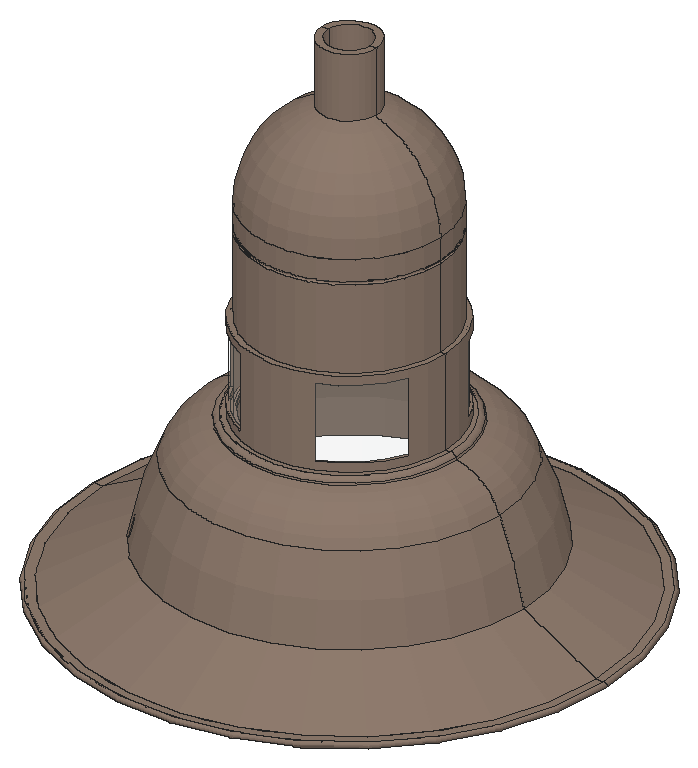
Revit family "BVB2004", category Generic Models, Revit 2014
Parameters
  GLASS = Glass
  BELL = Bronze, Architectural
Reference planes (in)
  plane 1 "Center (Front/Back)": y = 0
  plane 2: z = 0
  plane 3 "Center (Left/Right)": x = 0
Forms (in)
  Revolve 1, solid, material "Bronze, Architectural" <- "BELL"
    sketch origin (0, 0, 0) x (1, 0, 0) y (0, 0, 1)
      loop
        line (-1.0625, 19.1735) -> (-1.0625, 16.85996) -> (-0.8125, 16.85996) -> (-0.8125, 19.1735) -> (-1.0625, 19.1735)
      axis (0, 19.1735) -> (0, 16.85996)
    angle from 0 to 360
  Revolve 2, solid, material "Bronze, Architectural" <- "BELL"
    sketch origin (0, 0, 0) x (1, 0, 0) y (0, 0, 1)
      loop
        line (-0.5, 16.85996) -> (-0.88506, 16.85996)
        arc (-0.88506, 16.85996) -> (-2.79881, 15.60008) -> (-3.54025, 13.43212) r 3.54025
        line (-3.54025, 13.43212) -> (-3.54025, 12.65119)
        arc (-3.54025, 12.65119) -> (-3.50812, 12.59912) -> (-3.54025, 12.54706) r 0.05824
        line (-3.54025, 12.54706) -> (-3.54025, 9.47537) -> (-3.4465, 9.47537) -> (-3.4465, 12.50566)
        arc (-3.4465, 12.50566) -> (-3.41437, 12.59912) -> (-3.4465, 12.69259) r 0.15199
        line (-3.4465, 12.69259) -> (-3.4465, 13.43212)
        arc (-3.4465, 13.43212) -> (-2.72832, 15.53799) -> (-0.87307, 16.76621) r 3.4465
        line (-0.87307, 16.76621) -> (-0.5, 16.76621) -> (-0.5, 16.85996)
      axis (0, 16.85996) -> (0, 9.47537)
    angle from 0 to 360
  Revolve 3, solid, material "Bronze, Architectural" <- "BELL"
    sketch origin (0, 0, 0) x (1, 0, 0) y (0, 0, 1)
      loop
        line (-3.4465, 9.47537) -> (-3.7485, 9.47537) -> (-3.7485, 6.14337) -> (-3.4465, 6.14337) -> (-3.4465, 6.23712) -> (-3.65475, 6.23712) -> (-3.65475, 9.38162) -> (-3.4465, 9.38162) -> (-3.4465, 9.47537)
      axis (0, 9.47537) -> (0, 6.14337)
    angle from 0 to 360
  Revolve 4, solid, material "Bronze, Architectural" <- "BELL"
    sketch origin (0, 0, 0) x (1, 0, 0) y (0, 0, 1)
      loop
        line (-3.4465, 6.14337) -> (-3.94801, 6.14337)
        arc (-3.94801, 6.14337) -> (-4.07288, 6.10179) -> (-4.14787, 5.99364) r 0.20825
        line (-4.14787, 5.99364) -> (-4.165, 5.93512)
        arc (-4.165, 5.93512) -> (-5.1818, 5.48453) -> (-5.831, 4.5815) r 2.12182
        arc (-5.831, 4.5815) -> (-6.40166, 3.15657) -> (-6.76812, 1.666) r 10.98527
        line (-6.76812, 1.666) -> (-9.55768, 0.20825) -> (-9.89187, 0.20825)
        arc (-9.89187, 0.20825) -> (-9.996, 0.10412) -> (-9.89187, 0) r 0.10412
        line (-9.89187, 0) -> (-9.75376, 0) -> (-6.68353, 1.60443)
        arc (-6.68353, 1.60443) -> (-6.31879, 3.10794) -> (-5.7447, 4.5446) r 10.89152
        arc (-5.7447, 4.5446) -> (-5.10123, 5.42896) -> (-4.09207, 5.85057) r 2.02807
        line (-4.09207, 5.85057) -> (-4.0579, 5.9673)
        arc (-4.0579, 5.9673) -> (-4.01666, 6.02676) -> (-3.94801, 6.04962) r 0.1145
        line (-3.94801, 6.04962) -> (-3.4465, 6.04962) -> (-3.4465, 6.14337)
      axis (0, 6.14337) -> (0, 0)
    angle from 0 to 360
  Extrusion 5, void
    sketch origin (1.60097, -1.6018, 0) x (0.707107, -0.707107, 0) y (0, 0, 1)
      loop
        line (-0.833, 9.163) -> (-3.69644, 9.163) -> (-3.69644, 6.45575) -> (-0.833, 6.45575) -> (-0.833, 9.163)
    from 3.29249 to 4.1617
  Extrusion 6, void
    sketch origin (-1.60097, 1.6018, 0) x (-0.707107, 0.707107, 0) y (0, 0, 1)
      loop
        line (-0.833, 9.163) -> (-3.69644, 9.163) -> (-3.69644, 6.45575) -> (-0.833, 6.45575) -> (-0.833, 9.163)
    from 3.29249 to 4.1617
  Extrusion 7, void
    sketch origin (1.6018, 1.60097, 0) x (0.707107, 0.707107, 0) y (0, 0, 1)
      loop
        line (-0.833, 9.163) -> (-3.69644, 9.163) -> (-3.69644, 6.45575) -> (-0.833, 6.45575) -> (-0.833, 9.163)
    from 3.29249 to 4.1617
  Extrusion 8, void
    sketch origin (-1.6018, -1.60097, 0) x (-0.707107, -0.707107, 0) y (0, 0, 1)
      loop
        line (-0.833, 9.163) -> (-3.69644, 9.163) -> (-3.69644, 6.45575) -> (-0.833, 6.45575) -> (-0.833, 9.163)
    from 3.29249 to 4.1617
  Revolve 9, solid, material "Glass" <- "GLASS"
    sketch origin (0, 0, 0) x (1, 0, 0) y (0, 0, 1)
      loop
        line (-3.65475, 9.38162) -> (-3.65475, 6.23712) -> (-3.52975, 6.23712) -> (-3.52975, 9.38162) -> (-3.65475, 9.38162)
      axis (0, 9.38162) -> (0, 6.23712)
    angle from 0 to 360
Cuts and joins
  Extrusion 5, Extrusion 6, Extrusion 7, Extrusion 8 cuts Revolve 3
Dimensions and locks (in)
  aligned and locked: plane 2 to level
